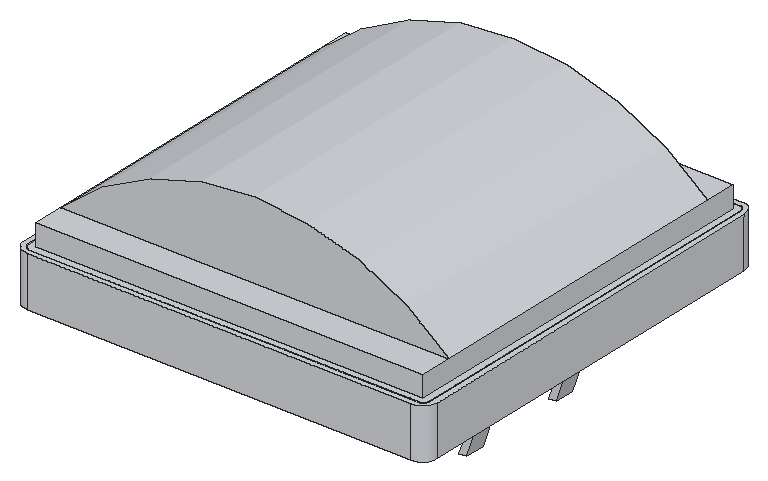
Revit family "Gira_537303", category Electrical Fixtures, host Face, Revit 2017
Family settings
  Host = Face
  Maintain Annotation Orientation = Yes
  Round Connector Dimension = Use Diameter
  Part Type = Normal
  Cut with Voids When Loaded = No
  Shared = No
  Room Calculation Point = No
Parameters (values of type "S3000 Beweg.m.aufs. 1,10 m Standard System 55 Reinweiß")
  Werkstoffgüte = "sonstige"
  Werkstoff = "sonstige"
  URL = "http://katalog.gira.de/de_DE/datenblatt.html?artikelnr=537303"
  Region = "DE"
  RAL-Nummer (ähnlich) = "9010 "
  Name = "S3000 Beweg.m.aufs. 1,10 m Standard System 55 Reinweiß"
  Montagehöhe = "1,1 m"
  Montageart = "unter Putz"
  Manufacturer URL = "https://www.gira.de/"
  Keynote = "Bewegungsmelder_1,10m"
  HeinzeBIM = "https://bimportal.heinze.de/bim/s3000-beweg-m-aufs-1-10-m-standard-system-55-reinweiss/b32f0a1a486864f0b9b01e38d389a815f8b57978"
  Halogenfrei = "Yes"
  HAN = "537303"
  Geeignet für Schutzart (IP) = "IP22"
  GTIN = "4010337049708"
  Farbe = "weiß"
  Default Elevation = 1219.2 mm
  Data sheet (1) = "https://katalog.gira.de/de_DE/download.html?artikelnr=537303"
  Category = "Bewegungsmelder-Sensor"
  Available = "Yes"
  Ausführung = "Bewegungsmelder"
Reference planes
  plane 1 "Center (Front/Back)": y = 0
  plane 2: z = 0
  plane 3 "Center (Left/Right)": x = 0
Forms (mm)
  Extrusion 1, solid, detail levels fine
    sketch origin (0, 0, 0) x (1, 0, 0) y (0, 0, 1)
      loop
        line (-33.025, 12.126) -> (33.025, 12.126)
        arc (33.025, 12.126) -> (0, 25.3) -> (-33.025, 12.126) r 47.982
    from -27.6 to 27.6
  Extrusion 2, solid, detail levels fine
    sketch origin (0, 0, 0) x (1, 0, 0) y (0, 1, 0)
      loop
        line (33.025, 33.025) -> (-33.025, 33.025) -> (-33.025, -33.025) -> (33.025, -33.025) -> (33.025, 33.025)
    from 8.55 to 12.126
  Extrusion 3, solid, detail levels fine
    sketch origin (0, 0, 0) x (1, 0, 0) y (0, 1, 0)
      loop
        spline (-32.7, 35.2) -> (-33.027, 35.179) -> (-33.347, 35.115) -> (-33.657, 35.01) -> (-33.95, 34.865) -> (-34.222, 34.683) -> (-34.468, 34.468) -> (-34.683, 34.222) -> (-34.865, 33.95) -> (-35.01, 33.657) -> (-35.115, 33.347) -> (-35.179, 33.027) -> (-35.2, 32.7)
        line (-35.2, 32.7) -> (-35.2, -32.7)
        spline (-35.2, -32.7) -> (-35.179, -33.027) -> (-35.115, -33.347) -> (-35.01, -33.657) -> (-34.865, -33.95) -> (-34.683, -34.222) -> (-34.468, -34.468) -> (-34.222, -34.683) -> (-33.95, -34.865) -> (-33.657, -35.01) -> (-33.347, -35.115) -> (-33.027, -35.179) -> (-32.7, -35.2)
        line (-32.7, -35.2) -> (32.7, -35.2)
        spline (32.7, -35.2) -> (33.027, -35.179) -> (33.347, -35.115) -> (33.657, -35.01) -> (33.95, -34.865) -> (34.222, -34.683) -> (34.468, -34.468) -> (34.683, -34.222) -> (34.865, -33.95) -> (35.01, -33.657) -> (35.115, -33.347) -> (35.179, -33.027) -> (35.2, -32.7)
        line (35.2, -32.7) -> (35.2, 32.7)
        spline (35.2, 32.7) -> (35.179, 33.027) -> (35.115, 33.347) -> (35.01, 33.657) -> (34.865, 33.95) -> (34.683, 34.222) -> (34.468, 34.468) -> (34.222, 34.683) -> (33.95, 34.865) -> (33.657, 35.01) -> (33.347, 35.115) -> (33.027, 35.179) -> (32.7, 35.2)
        line (32.7, 35.2) -> (-32.7, 35.2)
      loop
        line (-34.2, 33.2) -> (-34.2, -33.2)
        spline (-34.2, -33.2) -> (-34.191, -33.331) -> (-34.166, -33.459) -> (-34.124, -33.583) -> (-34.066, -33.7) -> (-33.993, -33.809) -> (-33.907, -33.907) -> (-33.809, -33.993) -> (-33.7, -34.066) -> (-33.583, -34.124) -> (-33.459, -34.166) -> (-33.331, -34.191) -> (-33.2, -34.2)
        line (-33.2, -34.2) -> (33.2, -34.2)
        spline (33.2, -34.2) -> (33.331, -34.191) -> (33.459, -34.166) -> (33.583, -34.124) -> (33.7, -34.066) -> (33.809, -33.993) -> (33.907, -33.907) -> (33.993, -33.809) -> (34.066, -33.7) -> (34.124, -33.583) -> (34.166, -33.459) -> (34.191, -33.331) -> (34.2, -33.2)
        line (34.2, -33.2) -> (34.2, 33.2)
        spline (34.2, 33.2) -> (34.191, 33.331) -> (34.166, 33.459) -> (34.124, 33.583) -> (34.066, 33.7) -> (33.993, 33.809) -> (33.907, 33.907) -> (33.809, 33.993) -> (33.7, 34.066) -> (33.583, 34.124) -> (33.459, 34.166) -> (33.331, 34.191) -> (33.2, 34.2)
        line (33.2, 34.2) -> (-33.2, 34.2)
        spline (-33.2, 34.2) -> (-33.331, 34.191) -> (-33.459, 34.166) -> (-33.583, 34.124) -> (-33.7, 34.066) -> (-33.809, 33.993) -> (-33.907, 33.907) -> (-33.993, 33.809) -> (-34.066, 33.7) -> (-34.124, 33.583) -> (-34.166, 33.459) -> (-34.191, 33.331) -> (-34.2, 33.2)
    from 0 to 8.55
  Extrusion 4, solid, detail levels fine
    sketch origin (0, 0, 0) x (1, 0, 0) y (0, 1, 0)
      loop
        line (-34.2, 33.2) -> (-34.2, -33.2)
        spline (-34.2, -33.2) -> (-34.191, -33.331) -> (-34.166, -33.459) -> (-34.124, -33.583) -> (-34.066, -33.7) -> (-33.993, -33.809) -> (-33.907, -33.907) -> (-33.809, -33.993) -> (-33.7, -34.066) -> (-33.583, -34.124) -> (-33.459, -34.166) -> (-33.331, -34.191) -> (-33.2, -34.2)
        line (-33.2, -34.2) -> (33.2, -34.2)
        spline (33.2, -34.2) -> (33.331, -34.191) -> (33.459, -34.166) -> (33.583, -34.124) -> (33.7, -34.066) -> (33.809, -33.993) -> (33.907, -33.907) -> (33.993, -33.809) -> (34.066, -33.7) -> (34.124, -33.583) -> (34.166, -33.459) -> (34.191, -33.331) -> (34.2, -33.2)
        line (34.2, -33.2) -> (34.2, 33.2)
        spline (34.2, 33.2) -> (34.191, 33.331) -> (34.166, 33.459) -> (34.124, 33.583) -> (34.066, 33.7) -> (33.993, 33.809) -> (33.907, 33.907) -> (33.809, 33.993) -> (33.7, 34.066) -> (33.583, 34.124) -> (33.459, 34.166) -> (33.331, 34.191) -> (33.2, 34.2)
        line (33.2, 34.2) -> (-33.2, 34.2)
        spline (-33.2, 34.2) -> (-33.331, 34.191) -> (-33.459, 34.166) -> (-33.583, 34.124) -> (-33.7, 34.066) -> (-33.809, 33.993) -> (-33.907, 33.907) -> (-33.993, 33.809) -> (-34.066, 33.7) -> (-34.124, 33.583) -> (-34.166, 33.459) -> (-34.191, 33.331) -> (-34.2, 33.2)
    from 6.175 to 8.55
  Extrusion 5, solid, detail levels fine
    sketch origin (0, 0, 0) x (1, 0, 0) y (0, 1, 0)
      loop
        spline (-27.7, -27.1) -> (-27.696, -27.165) -> (-27.683, -27.229) -> (-27.662, -27.291) -> (-27.633, -27.35) -> (-27.597, -27.404) -> (-27.554, -27.454) -> (-27.504, -27.497) -> (-27.45, -27.533) -> (-27.391, -27.562) -> (-27.329, -27.583) -> (-27.265, -27.596) -> (-27.2, -27.6)
        line (-27.2, -27.6) -> (27.2, -27.6)
        spline (27.2, -27.6) -> (27.265, -27.596) -> (27.329, -27.583) -> (27.391, -27.562) -> (27.45, -27.533) -> (27.504, -27.497) -> (27.554, -27.454) -> (27.597, -27.404) -> (27.633, -27.35) -> (27.662, -27.291) -> (27.683, -27.229) -> (27.696, -27.165) -> (27.7, -27.1)
        line (27.7, -27.1) -> (27.7, 27.1)
        spline (27.7, 27.1) -> (27.696, 27.165) -> (27.683, 27.229) -> (27.662, 27.291) -> (27.633, 27.35) -> (27.597, 27.404) -> (27.554, 27.454) -> (27.504, 27.497) -> (27.45, 27.533) -> (27.391, 27.562) -> (27.329, 27.583) -> (27.265, 27.596) -> (27.2, 27.6)
        line (27.2, 27.6) -> (-27.2, 27.6)
        spline (-27.2, 27.6) -> (-27.265, 27.596) -> (-27.329, 27.583) -> (-27.391, 27.562) -> (-27.45, 27.533) -> (-27.504, 27.497) -> (-27.554, 27.454) -> (-27.597, 27.404) -> (-27.633, 27.35) -> (-27.662, 27.291) -> (-27.683, 27.229) -> (-27.696, 27.165) -> (-27.7, 27.1)
        line (-27.7, 27.1) -> (-27.7, -27.1)
      loop
        line (26.9, 26.8) -> (-26.9, 26.8) -> (-26.9, -26.8) -> (26.9, -26.8) -> (26.9, 26.8)
    from 0 to 6.175
  Extrusion 6, solid, detail levels fine
    sketch origin (0, 0, 0) x (1, 0, 0) y (0, 1, 0)
      loop
        line (-15.4, -23.928) -> (15.4, -23.928)
        arc (15.4, -23.928) -> (21.43, -21.43) -> (23.928, -15.4) r 8.528
        line (23.928, -15.4) -> (23.928, 15.4)
        arc (23.928, 15.4) -> (21.43, 21.43) -> (15.4, 23.928) r 8.528
        line (15.4, 23.928) -> (-15.4, 23.928)
        arc (-15.4, 23.928) -> (-21.43, 21.43) -> (-23.928, 15.4) r 8.528
        line (-23.928, 15.4) -> (-23.928, -15.4)
        arc (-23.928, -15.4) -> (-21.43, -21.43) -> (-15.4, -23.928) r 8.528
    from -0.985 to 1.6
  Extrusion 7, solid, detail levels fine
    sketch origin (0, 0, 0) x (1, 0, 0) y (0, 1, 0)
      loop
        line (-26.35, 18.301) -> (-26.35, -18.801)
        spline (-26.35, -18.801) -> (-26.286, -19.78) -> (-26.095, -20.742) -> (-25.779, -21.671) -> (-25.345, -22.551) -> (-24.8, -23.366) -> (-24.154, -24.104) -> (-23.416, -24.75) -> (-22.601, -25.295) -> (-21.721, -25.729) -> (-20.792, -26.045) -> (-19.83, -26.236) -> (-18.851, -26.3)
        line (-18.851, -26.3) -> (18.851, -26.3)
        spline (18.851, -26.3) -> (19.83, -26.236) -> (20.792, -26.045) -> (21.721, -25.729) -> (22.601, -25.295) -> (23.416, -24.75) -> (24.154, -24.104) -> (24.8, -23.366) -> (25.345, -22.551) -> (25.779, -21.671) -> (26.094, -20.742) -> (26.286, -19.78) -> (26.35, -18.801)
        line (26.35, -18.801) -> (26.35, 18.301)
        spline (26.35, 18.301) -> (26.286, 19.28) -> (26.094, 20.242) -> (25.779, 21.171) -> (25.345, 22.051) -> (24.8, 22.866) -> (24.154, 23.604) -> (23.416, 24.25) -> (22.601, 24.795) -> (21.721, 25.229) -> (20.792, 25.545) -> (19.83, 25.736) -> (18.851, 25.8)
        line (18.851, 25.8) -> (-18.851, 25.8)
        spline (-18.851, 25.8) -> (-19.83, 25.736) -> (-20.792, 25.545) -> (-21.721, 25.229) -> (-22.601, 24.795) -> (-23.416, 24.25) -> (-24.154, 23.604) -> (-24.8, 22.866) -> (-25.345, 22.051) -> (-25.779, 21.171) -> (-26.095, 20.242) -> (-26.286, 19.28) -> (-26.35, 18.301)
    from 1.6 to 6.1
  Extrusion 8, solid, detail levels fine
    sketch origin (0, 0, 0) x (1, 0, 0) y (0, 0, 1)
      loop
        line (-23.048, -13.343) -> (-21.665, -13.513) -> (-24.338, -6.363) -> (-23.36, 1.6) -> (-25.023, 1.6) -> (-24.975, -1.121) -> (-25.39, -6.541) -> (-23.048, -13.343)
      loop
        line (23.048, -13.343) -> (25.39, -6.541) -> (24.975, -1.121) -> (25.023, 1.6) -> (23.36, 1.6) -> (24.338, -6.363) -> (21.665, -13.513) -> (23.048, -13.343)
    from 7.9 to 11.14
  Extrusion 9, solid, detail levels fine
    sketch origin (0, 0, 0) x (1, 0, 0) y (0, 0, -1)
      loop
        line (-23.048, 13.343) -> (-25.39, 6.541) -> (-24.975, 1.121) -> (-25.023, -1.6) -> (-23.36, -1.6) -> (-24.338, 6.363) -> (-21.665, 13.513) -> (-23.048, 13.343)
      loop
        line (23.048, 13.343) -> (21.665, 13.513) -> (24.338, 6.363) -> (23.36, -1.6) -> (25.023, -1.6) -> (24.975, 1.121) -> (25.39, 6.541) -> (23.048, 13.343)
    from 7.9 to 11.14
  Extrusion 10, solid, detail levels fine
    sketch origin (0, 0, 0) x (1, 0, 0) y (0, 1, 0)
      loop
        line (-5.141, 20.681) -> (-5.141, 15.099)
        spline (-5.141, 15.099) -> (-5.133, 14.968) -> (-5.107, 14.84) -> (-5.065, 14.716) -> (-5.007, 14.599) -> (-4.935, 14.49) -> (-4.849, 14.391) -> (-4.75, 14.305) -> (-4.641, 14.233) -> (-4.524, 14.175) -> (-4.4, 14.133) -> (-4.272, 14.107) -> (-4.141, 14.099)
        line (-4.141, 14.099) -> (4.141, 14.099)
        spline (4.141, 14.099) -> (4.272, 14.107) -> (4.4, 14.133) -> (4.524, 14.175) -> (4.641, 14.233) -> (4.75, 14.305) -> (4.849, 14.391) -> (4.935, 14.49) -> (5.007, 14.599) -> (5.065, 14.716) -> (5.107, 14.84) -> (5.133, 14.968) -> (5.141, 15.099)
        line (5.141, 15.099) -> (5.141, 20.681)
        spline (5.141, 20.681) -> (5.133, 20.812) -> (5.107, 20.94) -> (5.065, 21.064) -> (5.007, 21.181) -> (4.935, 21.29) -> (4.849, 21.389) -> (4.75, 21.475) -> (4.641, 21.547) -> (4.524, 21.605) -> (4.4, 21.647) -> (4.272, 21.673) -> (4.141, 21.681)
        line (4.141, 21.681) -> (-4.141, 21.681)
        spline (-4.141, 21.681) -> (-4.272, 21.673) -> (-4.4, 21.647) -> (-4.524, 21.605) -> (-4.641, 21.547) -> (-4.75, 21.475) -> (-4.849, 21.389) -> (-4.935, 21.29) -> (-5.007, 21.181) -> (-5.065, 21.064) -> (-5.107, 20.94) -> (-5.133, 20.812) -> (-5.141, 20.681)
    from -17.3 to -0.985
  Extrusion 11, solid, detail levels medium
    sketch origin (0, 0, 0) x (1, 0, 0) y (0, 1, 0)
      loop
        line (33.025, 33.025) -> (-33.025, 33.025) -> (-33.025, -33.025) -> (33.025, -33.025) -> (33.025, 33.025)
    from 8.55 to 25.3
  Extrusion 12, solid, detail levels medium
    sketch origin (0, 0, 0) x (1, 0, 0) y (0, 1, 0)
      loop
        line (-35.2, 35.2) -> (-35.2, -35.2) -> (35.2, -35.2) -> (35.2, 35.2) -> (-35.2, 35.2)
    from 0 to 8.55
  Extrusion 13, solid, detail levels medium
    sketch origin (0, 0, 0) x (1, 0, 0) y (0, 0, 1)
      loop
        line (-25.023, 1.6) -> (-25.023, -13.1) -> (-21.665, -13.513) -> (-21.665, 1.6) -> (-25.023, 1.6)
      loop
        line (25.023, 1.6) -> (21.665, 1.6) -> (21.665, -13.513) -> (25.023, -13.1) -> (25.023, 1.6)
    from 8 to 11.14
  Extrusion 14, solid, detail levels medium
    sketch origin (0, 0, 0) x (1, 0, 0) y (0, 0, -1)
      loop
        line (-25.023, -1.6) -> (-21.665, -1.6) -> (-21.665, 13.513) -> (-25.023, 13.1) -> (-25.023, -1.6)
      loop
        line (25.023, -1.6) -> (25.023, 13.1) -> (21.665, 13.513) -> (21.665, -1.6) -> (25.023, -1.6)
    from 8 to 11.14
  Extrusion 15, solid, detail levels medium
    sketch origin (0, 0, 0) x (1, 0, 0) y (0, 1, 0)
      loop
        line (-5.141, 21.681) -> (-5.141, 14.099) -> (5.141, 14.099) -> (5.141, 21.681) -> (-5.141, 21.681)
    from -17.3 to -0.985
  Extrusion 16, solid, detail levels coarse
    sketch origin (0, 0, 0) x (1, 0, 0) y (0, 1, 0)
      loop
        line (-35.2, 35.2) -> (-35.2, -35.2) -> (35.2, -35.2) -> (35.2, 35.2) -> (-35.2, 35.2)
    from -17.3 to 25.3
Dimensions and locks
  aligned and locked: plane 2 to host face
  aligned and locked: level to host face
  aligned and locked: nested 1 to plane 3 "Center (Left/Right)"
  aligned and locked: plane 1 "Center (Front/Back)" to nested 1
Nested families
  nested 1: "Belegungssensor - Bewegung - Aufputz - Beschriftung" at (0, 0, 0) x (0, -1, 0) z (0, 0, 1), type "Belegungssensor - Bewegung - Aufputz - Beschriftung"
Connectors
  electrical at (0, 0, -17.3)
    settings: on Extrusion 16, index 1, voltage 220 V, apparent load 0 VA, apparent load phase1 0 VA, apparent load phase2 0 VA, apparent load phase3 0 VA, power factor 1, load classification "Other", number of poles 1, system type 30, power factor state 1, is connector primary yes, connector utility no, sub classification motor no, connector description ""
Definition of nested family "Belegungssensor - Bewegung - Aufputz - Beschriftung"
  Reference planes
    plane 1: y = 0
    plane 2: x = 0
  Lines and regions (mm)
    Filled region 1, type "Gefüllter Bereich 1"
      outline origin (143.425, -20.712, 0) x (1, 0, 0) y (0, 1, 0)
        loop
          line (-148.697, 21.204) -> (-148.697, 20.409) -> (-147.583, 20.807) -> (-148.697, 21.204)
    Filled region 2, type "Gefüllter Bereich 1"
      outline origin (141.808, 30.001, 0) x (0.939693, 0.34202, 0) y (-0.34202, 0.939693, 0)
        loop
          line (-148.694, 21.203) -> (-148.694, 20.41) -> (-147.583, 20.807) -> (-148.694, 21.203)
    Filled region 3, type "Gefüllter Bereich 1"
      outline origin (141.819, -29.825, 0) x (-0.34202, -0.939693, 0) y (0.939693, -0.34202, 0)
        loop
          line (21.204, -148.697) -> (20.807, -147.583) -> (20.409, -148.697) -> (21.204, -148.697)
    detail lines
      curve 1: line (-1.207, 0.095, 0) -> (-3.486, 1.411, 0)
      curve 2: line (-1.207, 0.095, 0) -> (-3.486, -1.221, 0)
      curve 5: arc (-3.252, 1.752, 0) -> (-3.839, 0.095, 0) -> (-3.252, -1.562, 0) r 2.632
      curve 6: line (-6, 3, 0) -> (0, 3, 0)
      curve 7: line (-6, -3, 0) -> (-6, 3, 0)
      curve 8: line (0, -3, 0) -> (-6, -3, 0)
      curve 9: line (0, 3, 0) -> (0, -3, 0)
    reference lines
      curve 3: line (-1.207, 0.095, 0) -> (-3.616, 2.046, 0)
      curve 4: line (-1.207, 0.095, 0) -> (-3.616, -1.856, 0)
  Dimensions and locks
    curve 1 to curve 1 = 2.632 mm
    curve 2 to curve 2 = 2.632 mm
    curve 6 to curve 8 = 6 mm
    curve 7 to curve 9 = 6 mm
    angle curve 1 to curve 2 = 60.00°
    aligned and locked: curve 6 to curve 7
    aligned and locked: curve 9 to curve 9
